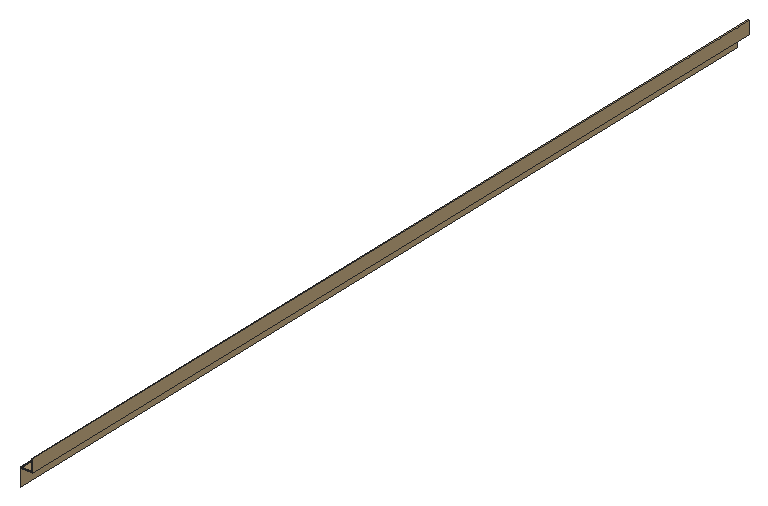
Revit family "R 092900 - Fry Reglet - Z reveal -  0.049in thick", category Generic Models, Revit 2016
Family settings
  Part Type = Normal
  Can host rebar = No
  Round Connector Dimension = Use Diameter
  Work Plane-Based = No
  Always vertical = Yes
  Cut with Voids When Loaded = No
  Shared = No
  Room Calculation Point = No
Parameters (values of type ".625 in Wide Sheating R")
  5/8" Gyp = 2X4 WOOD STUDS
  4' Width = 4' - 0"
Types (2): name | 5/8" Gyp
  .625 in Wide Sheating R | 2X4 WOOD STUDS
  .625 in Wide Sheating R 2 | none
Reference planes (in)
  plane 1 "Center (Front/Back)": y = 0
  plane 2: z = 0
  plane 3 "Center (Left/Right)": x = 0
Forms (in)
  Sweep 1, solid, material "2X4 WOOD STUDS" <- "5/8" Gyp"
    path origin (0, 0, 0) x (1, 0, 0) y (0, 1, 0)
      loop
        line (0, -24) -> (0, 24)
    profile origin (0, 0, 0) x (-1, 0, 0) y (0, 0, 1)
      loop
        line (0, 1.54688) -> (0, 0.875) -> (0.625, 0.875) -> (0.625, 0) -> (0.67188, 0) -> (0.67188, 0.92187) -> (0.04688, 0.92188) -> (0.04688, 1.54688) -> (0, 1.54688)
Dimensions and locks (in)
  "4' Width": Sweep 1 sketch curve to Sweep 1 sketch curve
  aligned and locked: plane 2 to level
Automatic sketch dimensions
  Sweep 1 sketch curve to plane 3 "Center (Left/Right)" = 0' - 0"
  plane 1 "Center (Front/Back)" to Sweep 1 sketch curve = 2' - 0"
  level to Sweep 1 sketch curve = 0' - 0 7/8"
  Sweep 1 sketch curve to profile plane = 0' - 0"
  Sweep 1 sketch curve to Sweep 1 sketch curve = 0' - 0 3/64"  (x3)
  level to Sweep 1 sketch curve = 0' - 0"
  Sweep 1 sketch curve to Sweep 1 sketch curve = 0' - 0 5/8"
  Sweep 1 sketch curve to Sweep 1 sketch curve = 0' - 0 37/64"
